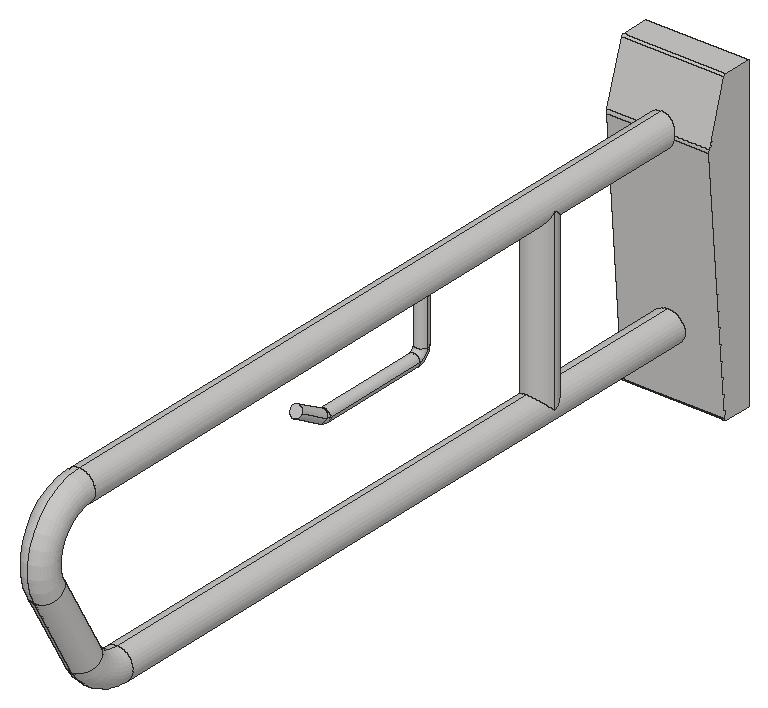
Revit family "Grab Rail_Metlam_Pull Down_Toilet Roll Holder", category Specialty Equipment, Revit 2016
Family settings
  Part Type = Normal
  Round Connector Dimension = Use Diameter
  OmniClass Number = 23.40.20.21.47
  OmniClass Title = Bath Grab Bars
  Work Plane-Based = No
  Always vertical = Yes
  Cut with Voids When Loaded = No
  Shared = No
  Room Calculation Point = Yes
Parameters (values of type "104w x 850d x 315h (MLR 50 TPH)")
  Width = 104 mm  # constant formula
  URL = "http://www.metlam.com.au/"
  Type Comments = "Grab Rails"  # constant formula
  Model = "MLR 50 TPH"
  Material_ANZRS = z_Metlam_Metal_Stainless Steel_Satin
  Height = 315 mm  # constant formula
  Manufacturer_URL__Product Specific = "http://metlam.com.au/product/content/grab-rails/MLR50TPH"
  Manufacturer_Spec Code = Model  # "MLR 50 TPH"
  Manufacturer_Height From FFL [instance] = 800 mm
  Manufacturer = "Metlam"  # constant formula
  Keynote = ""
  Description = "Pull Down Grab Rail with Toilet Roll Holder"  # constant formula
  Depth = 850 mm  # constant formula
  CreatedBy_ANZRS = "IGS BIM Solutions"  # constant formula
  CreatedByURL_ANZRS = "http://www.igsgroup.com.au/"
  Assembly Code = ""
Reference planes
  plane 1 "Back": y = 0
  plane 2 "Ref. Level": z = 0
  plane 3 "Bottom": z = 529.956
  plane 4 "Front": y = -850
  plane 5 "Top": z = 844.956
  plane 6 "Center (Left/Right)": x = -57.964
  plane 7 "Mounting Height": z = 800
  plane 8 "Bottom Rail_Bottom": z = 585
  plane 9 "Left": x = -109.964
  plane 10 "Right": x = -5.964
  plane 11 "Top Rail_Bottom": z = 768
  plane 12 "Toilet Roll Holder_Top": z = 718
  plane 13 "Bottom Rail_Top": z = 617.051
  plane 14 "Rail_Left": x = -73.964
  plane 15 "Rail_Right": x = -41.964
  plane 16 "Bar_Centre (Front/Back)": y = -200
Forms (mm)
  Extrusion 1, solid, material "z_Metlam_Metal_Stainless Steel_Satin" <- "Material_ANZRS"
    sketch origin (-57.964, 0, 0) x (0, 1, 0) y (0, 0, 1)
      loop
        line (0, 844.956) -> (-28.183, 844.956)
        arc (-28.183, 844.956) -> (-29.653, 844.478) -> (-30.561, 843.228) r 2.5
        line (-30.561, 843.228) -> (-49.309, 785.482)
        arc (-49.309, 785.482) -> (-49.728, 783.569) -> (-49.767, 781.611) r 10
        line (-49.767, 781.611) -> (-30.181, 532.26)
        arc (-30.181, 532.26) -> (-29.386, 530.62) -> (-27.689, 529.956) r 2.5
        line (-27.689, 529.956) -> (0, 529.956) -> (0, 844.956)
    from -52 to 52
  Sweep 2, solid, material "z_Metlam_Metal_Stainless Steel_Satin" <- "Material_ANZRS"
    path origin (-57.964, 0, 0) x (0, 1, 0) y (0, 0, 1)
      loop
        line (-43, 783.956) -> (-784, 783.956)
        arc (-784, 783.956) -> (-827.301, 758.956) -> (-827.301, 708.956) r 50
        line (-827.301, 708.956) -> (-779.381, 625.956)
        arc (-779.381, 625.956) -> (-761.08, 607.654) -> (-736.08, 600.956) r 50
        line (-736.08, 600.956) -> (-25.222, 600.956)
    profile origin (-57.964, -413.5, 783.956) x (0, 0, -1) y (1, 0, 0)
      loop
        circle (0, 0) r 16
  Extrusion 3, solid, material "z_Metlam_Metal_Stainless Steel_Satin" <- "Material_ANZRS"
    sketch origin (0, 0.964, 529.956) x (-1, 0, 0) y (0, -1, 0)
      loop
        circle (57.964, 200.964) r 15.964
    from 71.044 to 254.021
  Sweep 4, solid, material "z_Metlam_Metal_Stainless Steel_Satin" <- "Material_ANZRS"
    path origin (-57.964, 0, 0) x (0, 1, 0) y (0, 0, 1)
      loop
        line (-350, 768) -> (-350, 721.7)
        arc (-350, 721.7) -> (-352.929, 714.629) -> (-360, 711.7) r 10
        line (-360, 711.7) -> (-473.339, 711.7)
        arc (-473.339, 711.7) -> (-475.927, 712.041) -> (-478.339, 713.04) r 10
        line (-478.339, 713.04) -> (-508.65, 730.54)
    profile origin (-57.964, -350, 744.85) x (1, 0, 0) y (0, 1, 0)
      loop
        circle (0.036, 0) r 6.25
Cuts and joins
  joined: Extrusion 1, Sweep 2, Extrusion 3
Lines and regions (mm)
  Masking region 1
    outline origin (0, 0, 529.956) x (-1, 0, 0) y (0, -1, 0)
      loop
        line (109.964, 0) -> (109.964, 50) -> (74, 50) -> (74, 834)
        arc (74, 834) -> (58, 850) -> (42, 834) r 16
        line (42, 834) -> (42, 50) -> (5.964, 50) -> (5.964, 0) -> (109.964, 0)
  symbolic lines, style "Grab Rails", detail levels medium+fine
    curve 1: line (-74.036, -50, 529.956) -> (-42.036, -50, 529.956)
Text (mm)
  text "> Contact Manufacturer to confirm feasibility of design variations outside the scope of this Revit Family\n\n\n\nDisclaimer:\n\nDue to ongoing product development and manufacturing evolution, product details are subject to change without notice. Please refer to product technical data sheets on the manufacturer’s website for the most current product information. Please allow a +/- 5mm manufacturing tolerance for dimensions and set-outs shown in product literature." at (176.363, -175.848, 0), in view "Ref. Level_Instruction"
Dimensions and locks
  "Depth": plane 4 "Front" to plane 1 "Back"
  "Manufacturer_Height From FFL": plane 7 "Mounting Height" to plane 2 "Ref. Level"
  "Height": plane 5 "Top" to plane 3 "Bottom"
  locked: plane 5 "Top" to plane 7 "Mounting Height" at 44.956
  equal spacing: plane 9 "Left", plane 6 "Center (Left/Right)", plane 10 "Right"
  "Width": plane 9 "Left" to plane 10 "Right"
  locked: plane 7 "Mounting Height" to plane 11 "Top Rail_Bottom" at 32
  plane 7 "Mounting Height" to plane 8 "Bottom Rail_Bottom" = 215 mm
  locked: plane 11 "Top Rail_Bottom" to plane 12 "Toilet Roll Holder_Top" at 50
  locked: plane 12 "Toilet Roll Holder_Top" to Sweep 4 sketch curve at 6.3
  locked: plane 13 "Bottom Rail_Top" to plane 8 "Bottom Rail_Bottom" at 32.051
  plane 8 "Bottom Rail_Bottom" to plane 3 "Bottom" = 55.044 mm
  locked: plane 14 "Rail_Left" to plane 15 "Rail_Right" at 32
  equal spacing: plane 14 "Rail_Left", plane 6 "Center (Left/Right)", plane 15 "Rail_Right"
  locked: plane 16 "Bar_Centre (Front/Back)" to plane 1 "Back" at 200
  aligned and locked: level to plane 2 "Ref. Level"
  aligned and locked: profile plane to Sweep 2 sketch curve  (x2)
  aligned and locked: plane 10 "Right" to cut or joined group of Extrusion 1, Sweep 2, Extrusion 3
  aligned and locked: cut or joined group of Extrusion 1, Sweep 2, Extrusion 3 to plane 9 "Left"
  aligned and locked: plane 11 "Top Rail_Bottom" to Sweep 4 sketch curve
  aligned and locked: plane 16 "Bar_Centre (Front/Back)" to Extrusion 3 sketch curve
  aligned and locked: plane 6 "Center (Left/Right)" to Extrusion 3 sketch curve
Automatic sketch dimensions
  curve 1 to curve 1 = 32 mm
  profile plane to Sweep 4 sketch curve = 0 mm
  plane 1 "Back" to Masking region 1 sketch curve = 0 mm
  plane 6 "Center (Left/Right)" to Masking region 1 sketch curve = 15.964 mm
  Masking region 1 sketch curve to plane 6 "Center (Left/Right)" = 0.036 mm
  Masking region 1 sketch curve to Masking region 1 sketch curve = 0 mm
  Masking region 1 sketch curve to plane 4 "Front" = 16 mm
  Masking region 1 sketch curve to Masking region 1 sketch curve = 50 mm
  Masking region 1 sketch curve to plane 10 "Right" = 0 mm
  plane 6 "Center (Left/Right)" to Sweep 4 sketch curve = 0.036 mm
  Masking region 1 sketch curve to plane 9 "Left" = 0 mm
  Sweep 2 sketch curve to plane 4 "Front" = 22.699 mm
  plane 11 "Top Rail_Bottom" to Sweep 2 sketch curve = 15.956 mm
  Sweep 2 sketch curve to plane 4 "Front" = 66 mm
  plane 8 "Bottom Rail_Bottom" to Sweep 2 sketch curve = 40.956 mm
  Sweep 2 sketch curve to plane 4 "Front" = 70.619 mm
  Sweep 2 sketch curve to Sweep 2 sketch curve = 43.301 mm
  Sweep 2 sketch curve to plane 11 "Top Rail_Bottom" = 59.044 mm
  plane 1 "Back" to Sweep 2 sketch curve = 43 mm
  plane 1 "Back" to Sweep 2 sketch curve = 25.222 mm
  Extrusion 1 sketch curve to plane 5 "Top" = 0 mm
  Extrusion 1 sketch curve to plane 3 "Bottom" = 0 mm
  Extrusion 1 sketch curve to plane 1 "Back" = 0 mm
  plane 3 "Bottom" to Extrusion 1 sketch curve = 2.5 mm
  plane 1 "Back" to Extrusion 1 sketch curve = 27.689 mm
  Extrusion 1 sketch curve to plane 5 "Top" = 2.5 mm
  plane 1 "Back" to Extrusion 1 sketch curve = 28.183 mm
  plane 3 "Bottom" to Extrusion 1 sketch curve = 2.304 mm
  Extrusion 1 sketch curve to plane 5 "Top" = 1.728 mm
  plane 11 "Top Rail_Bottom" to Extrusion 1 sketch curve = 14.394 mm
  plane 1 "Back" to Extrusion 1 sketch curve = 39.797 mm
  Extrusion 1 sketch curve to plane 7 "Mounting Height" = 14.518 mm
  Extrusion 1 sketch curve to Extrusion 1 sketch curve = 9.511 mm
  plane 11 "Top Rail_Bottom" to Extrusion 1 sketch curve = 13.611 mm
  plane 6 "Center (Left/Right)" to curve 1 = 15.927 mm
  plane 1 "Back" to curve 1 = 50 mm
  Sweep 4 sketch curve to plane 12 "Toilet Roll Holder_Top" = 4.96 mm
  Sweep 4 sketch curve to plane 4 "Front" = 371.661 mm
  Sweep 4 sketch curve to Sweep 4 sketch curve = 5 mm
  plane 12 "Toilet Roll Holder_Top" to Sweep 4 sketch curve = 3.7 mm
  Sweep 4 sketch curve to Sweep 4 sketch curve = 113.339 mm
  plane 12 "Toilet Roll Holder_Top" to Sweep 4 sketch curve = 12.54 mm
  Sweep 4 sketch curve to Sweep 4 sketch curve = 30.311 mm
  plane 8 "Bottom Rail_Bottom" to Sweep 2 sketch curve = 15.956 mm
  radius of Sweep 2 sketch curve = 16 mm
  radius of Extrusion 3 sketch curve = 15.964 mm
  radius of Sweep 4 sketch curve = 6.25 mm
